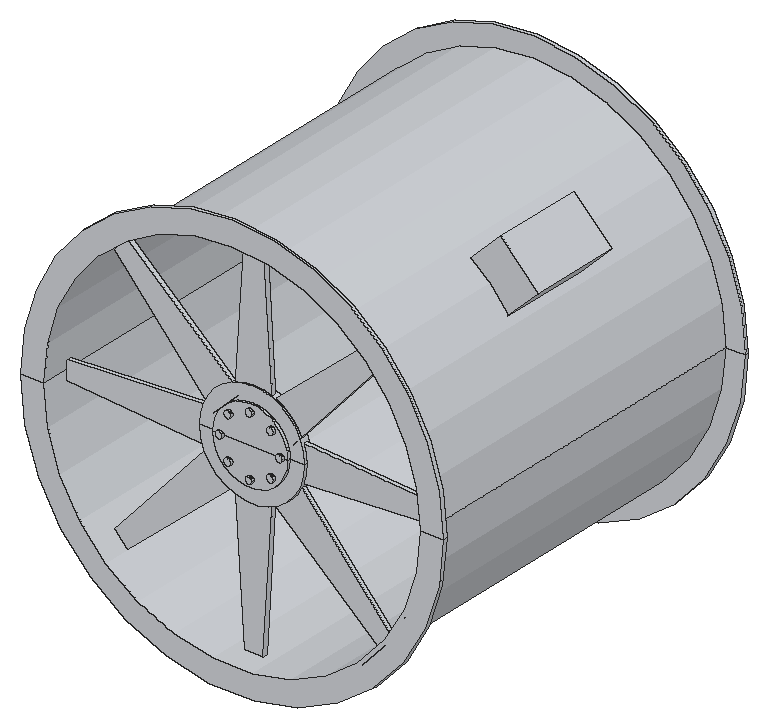
Revit family "CADS_Vent-Axia_MechEquip_Fan_LCA_560_1Ph4P - EXTRACT", category Mechanical Equipment, Revit 2020
Family settings
  Round Connector Dimension = Use Diameter
  Part Type = Normal
  OmniClass Number = 23.75.00.00
  OmniClass Title = Climate Control (HVAC)
  Work Plane-Based = No
  Always vertical = Yes
  Cut with Voids When Loaded = No
  Shared = No
  Room Calculation Point = No
Parameters (values of type "LCA561430")
  nr = NominalDiameter / 2  # 280 mm
  WorkingPressure = 0.0 Pa
  WarrantyStartDate [instance] = "1900-12-31T23:59:59"
  WarrantyPeriod = ""
  WarrantyIdentifier = "N/A"
  WarrantyGuarantorParts = "tech@vent-axia.com"
  WarrantyGuarantorLabor = "tech@vent-axia.com"
  WarrantyGuarantor = "Vent-Axia Limited"
  WarrantyEndDate [instance] = "1900-12-31T23:59:59"
  WarrantyContent = ""
  TemperatureRange = ""
  TagNumber [instance] = "N/A"
  SustainabilityPerformance = ""
  Status = "New"
  Size = ""
  Shape = ""
  ServiceLifeType = ""
  ServiceLifeDuration = ""
  SerialNumber [instance] = "N/A"
  ReplacementCost = ""
  RatedVoltage = 0 V
  RatedCurrent = 0 A
  Quantity = 1
  ProductionYear = ""
  PressureCurve = ""
  PowerFactor = ""
  PointOfContact = ""
  NumberOfPoles = 0
  NominalWidth = 560 mm
  NominalLength = 565 mm
  NominalHeight = 560 mm
  NominalFrequencyRange = ""
  NominalDiameter = 560 mm
  ModelReference = "LCAX 560mm 1PH 4P 30DEG"
  ModelNumber = "LCA561430"
  Material = ""
  ManufacturerE-Mail = "tech@vent-axia.com"
  ManufacturerAddress = "Fleming Way\nCrawley \nRH10 9YX"
  IsExtendedWarranty = no
  InsulationStandardClass = ""
  InstallationDate [instance] = "1900-12-31T23:59:59"
  IfcExportType [instance] = ""
  IfcExportAs = "IfcFanType"
  IP_Code = ""
  HasProtectiveEarth = no
  GrossWeight = 0.00 kg
  Grade = ""
  GlobalTradeItemNumber [instance] = "N/A"
  Fitting Type = "Ignore"
  Finish = ""
  Features = ""
  ExteriorInsulation = no
  ExpectedServiceLife = 0
  Exclusions = ""
  DurationUnit = "Year"
  Default Elevation = 0 mm
  Constituents = ""
  ConductorFunction = ""
  Color = ""
  CodePerformance = ""
  Category = ""
  CADS_Usage = 0
  CADS_Index = 0
  AssetType = "FIXED"
  AssetIdentifier [instance] = "N/A"
  AssemblyPlace = "UNKNOWN"
  ArticleNumber [instance] = "N/A"
  AirflowRateRange = 0.0 L/s
  Air Flow [instance] = 0.0 L/s
  AccessibilityPerformance = ""
Types (14, lengths in mm): name | ModelReference | ModelNumber
  LCA561410 | "LCAX 560mm 1PH 4P 10DEG" | "LCA561410"
  LCA561412 | "LCAX 560mm 1PH 4P 12DEG" | "LCA561412"
  LCA561414 | "LCAX 560mm 1PH 4P 14DEG" | "LCA561414"
  LCA561416 | "LCAX 560mm 1PH 4P 16DEG" | "LCA561416"
  LCA561418 | "LCAX 560mm 1PH 4P 18DEG" | "LCA561418"
  LCA561420 | "LCAX 560mm 1PH 4P 20DEG" | "LCA561420"
  LCA561422 | "LCAX 560mm 1PH 4P 22DEG" | "LCA561422"
  LCA561424 | "LCAX 560mm 1PH 4P 24DEG" | "LCA561424"
  LCA561426 | "LCAX 560mm 1PH 4P 26DEG" | "LCA561426"
  LCA561428 | "LCAX 560mm 1PH 4P 28DEG" | "LCA561428"
  LCA561430 | "LCAX 560mm 1PH 4P 30DEG" | "LCA561430"
  LCA561432 | "LCAX 560mm 1PH 4P 32DEG" | "LCA561432"
  LCA561434 | "LCAX 560mm 1PH 4P 34DEG" | "LCA561434"
  LCA561436 | "LCAX 560mm 1PH 4P 36DEG" | "LCA561436"
Reference planes
  plane 1 "Center (Front/Back)": y = 0
  plane 2: z = 0
  plane 3 "Center (Left/Right)": x = 0
  plane 4: x = -280
  plane 5: x = 280
  plane 6 "F": y = -282.5
  plane 7 "B": y = 282.5
  plane 8: x = -315
  plane 9: y = 277.5
  plane 10: y = -277.5
  plane 11: x = -285
  plane 12: y = -242.5
  plane 13 "top": z = 280
  plane 14: z = -280
  plane 15 "45deg": through (0, -1524, 0) normal (-0.7071, 0, -0.7071)
  plane 16 "C": through (0, -1524, 0) normal (-0.7071, 0, 0.7071)
Forms (mm)
  Revolve 1, solid
    sketch origin (0, 0, 0) x (1, 0, 0) y (0, 1, 0)
      loop
        line (-315, -282.5) -> (-280, -282.5) -> (-280, 282.5) -> (-315, 282.5) -> (-315, 277.5) -> (-285, 277.5) -> (-285, -277.5) -> (-315, -277.5) -> (-315, -282.5)
      axis (0, 282.5) -> (0, -282.5)
    angle from 0 to 360
  Sweep 2, solid
    path origin (0, 0, 0) x (1, 0, 0) y (0, 0, 1)
      loop
        line (197.99, 197.99) -> (243.952, 243.952)
    profile origin (220.971, 0, 220.971) x (-0.707107, 0, 0.707107) y (0, -1, 0)
      loop
        line (37.5, 55) -> (-42.73, 55) -> (-42.73, -79.5) -> (37.5, -79.5) -> (37.5, 55)
Dimensions and locks
  equal spacing: plane 4, plane 3 "Center (Left/Right)", plane 5
  equal spacing: plane 7 "B", plane 1 "Center (Front/Back)", plane 6 "F"
  "NominalLength": plane 7 "B" to plane 6 "F"
  "NominalDiameter": plane 4 to plane 5
  locked: plane 11 to plane 4 at 5
  locked: plane 8 to plane 11 at 30
  locked: plane 6 "F" to plane 10 at 5
  locked: plane 7 "B" to plane 9 at 5
  locked: plane 6 "F" to plane 12 at 40
  equal spacing: plane 13 "top", level, plane 14
  "NominalDiameter": plane 13 "top" to plane 14
  Sweep 2 sketch curve to Sweep 2 sketch curve = 65 mm
  "nr": Sweep 2 sketch curve to plane 15 "45deg"
  aligned and locked: level to plane 2
  aligned and locked: nested 1 to plane 12
Automatic sketch dimensions
  plane 6 "F" to Revolve 1 sketch curve = 0 mm
  Revolve 1 sketch curve to plane 8 = 0 mm  (x2)
  plane 10 to Revolve 1 sketch curve = 0 mm
  Revolve 1 sketch curve to plane 11 = 0 mm
  Revolve 1 sketch curve to plane 4 = 0 mm
  Revolve 1 sketch curve to plane 3 "Center (Left/Right)" = 0 mm
  plane 1 "Center (Front/Back)" to Revolve 1 sketch curve = 0 mm
  Revolve 1 sketch curve to plane 9 = 0 mm
  Revolve 1 sketch curve to plane 7 "B" = 0 mm
  plane 6 "F" to Revolve 1 sketch curve = 115 mm
  plane 1 "Center (Front/Back)" to Sweep 2 sketch curve = 55 mm
  Sweep 2 sketch curve to profile plane = 37.5 mm
  Sweep 2 sketch curve to Sweep 2 sketch curve = 80.23 mm
  Sweep 2 sketch curve to Sweep 2 sketch curve = 134.5 mm
  Sweep 2 sketch curve to plane 16 "C" = 0 mm  (x2)
Nested families
  nested 1: "Fan for ESC" at (0, -242.5, 0), ND <- "NominalDiameter", type "Fan for ESC"
    with hub 56 mm, ND 560 mm, BoltPCD 44.8 mm, Bolt Count 8, B_Diam 10 mm
  nested 2: "Bolts" at (44.8, -251.672, 0) x (0, 0, -1) z (0, 1, 0), type "Bolts"
    with bd 10 mm
  nested 3: "Bolts" at (31.678, -251.672, -31.678) x (-0.7071, 0, -0.7071) z (0, 1, 0), type "Bolts"
    with bd 10 mm
  nested 4: "Bolts" at (0, -251.672, -44.8) x (-1, 0, 0) z (0, 1, 0), type "Bolts"
    with bd 10 mm
  nested 5: "Bolts" at (-31.678, -251.672, -31.678) x (-0.7071, 0, 0.7071) z (0, 1, 0), type "Bolts"
    with bd 10 mm
  nested 6: "Bolts" at (-44.8, -251.672, 0) x (0, 0, 1) z (0, 1, 0), type "Bolts"
    with bd 10 mm
  nested 7: "Bolts" at (-31.678, -251.672, 31.678) x (0.7071, 0, 0.7071) z (0, 1, 0), type "Bolts"
    with bd 10 mm
  nested 8: "Bolts" at (31.678, -251.672, 31.678) x (0.7071, 0, -0.7071) z (0, 1, 0), type "Bolts"
    with bd 10 mm
  nested 9: "Bolts" at (0, -251.672, 44.8) x (1, 0, 0) z (0, 1, 0), type "Bolts"
    with bd 10 mm
  nested 10: "ESC Blade" at (0, -242.5, 0), type "ESC Blade"
    with a 20.00°, HR 56 mm, HD 112 mm, BT 28 mm, BR 224 mm, BH 40 mm, BD 560 mm, BB 56 mm
  nested 11: "ESC Blade" at (0, -242.5, 0) x (0.7071, 0, -0.7071) z (0.7071, 0, 0.7071), type "ESC Blade"
    with a 20.00°, HR 56 mm, HD 112 mm, BT 28 mm, BR 224 mm, BH 40 mm, BD 560 mm, BB 56 mm
  nested 12: "ESC Blade" at (0, -242.5, 0) x (0, 0, -1) z (1, 0, 0), type "ESC Blade"
    with a 20.00°, HR 56 mm, HD 112 mm, BT 28 mm, BR 224 mm, BH 40 mm, BD 560 mm, BB 56 mm
  nested 13: "ESC Blade" at (0, -242.5, 0) x (-0.7071, 0, -0.7071) z (0.7071, 0, -0.7071), type "ESC Blade"
    with a 20.00°, HR 56 mm, HD 112 mm, BT 28 mm, BR 224 mm, BH 40 mm, BD 560 mm, BB 56 mm
  nested 14: "ESC Blade" at (0, -242.5, 0) x (-1, 0, 0) z (0, 0, -1), type "ESC Blade"
    with a 20.00°, HR 56 mm, HD 112 mm, BT 28 mm, BR 224 mm, BH 40 mm, BD 560 mm, BB 56 mm
  nested 15: "ESC Blade" at (0, -242.5, 0) x (-0.7071, 0, -0.7071) z (-0.7071, 0, 0.7071), type "ESC Blade"
    with a 20.00°, HR 56 mm, HD 112 mm, BT 28 mm, BR 224 mm, BH 40 mm, BD 560 mm, BB 56 mm
  nested 16: "ESC Blade" at (0, -242.5, 0) x (0, 0, -1) z (-1, 0, 0), type "ESC Blade"
    with a 20.00°, HR 56 mm, HD 112 mm, BT 28 mm, BR 224 mm, BH 40 mm, BD 560 mm, BB 56 mm
  nested 17: "ESC Blade" at (0, -242.5, 0) x (0.7071, 0, -0.7071) z (-0.7071, 0, -0.7071), type "ESC Blade"
    with a 20.00°, HR 56 mm, HD 112 mm, BT 28 mm, BR 224 mm, BH 40 mm, BD 560 mm, BB 56 mm
Connectors
  hvac at (0, -282.5, 0), driven by "NominalDiameter", driven by "Air Flow"
    settings: on Revolve 1, index 1, duct flow 0.0 L/s, flow factor 0, pres drop 0.0 Pa, loss coef 0, conn angle 0.00°, conn width 304.8 mm, conn height 304.8 mm, conn diameter 560 mm, duct sys type 2, conn prof type 0, flow config 0, flow direction 1, loss method 0, conn ref index -1, conn util no, is conn primary yes, conn desc ""
  hvac at (0, 282.5, 0), driven by "NominalDiameter", driven by "Air Flow"
    settings: on Revolve 1, index 2, duct flow 0.0 L/s, flow factor 0, pres drop 0.0 Pa, loss coef 0, conn angle 0.00°, conn width 304.8 mm, conn height 304.8 mm, conn diameter 560 mm, duct sys type 3, conn prof type 0, flow config 1, flow direction 2, loss method 0, conn ref index -1, conn util no, is conn primary no, conn desc ""
Definition of nested family "Fan for ESC"
  Parameters (values of type "Fan for ESC")
    hub [instance] = ND / 10  # 56.7 mm
    ND [instance] = 567 mm
    Model = "."
    Default Elevation = 0 mm
    BoltPCD [instance] = hub - (hub * 0.2)  # 45.36 mm
    Bolt Count [instance] = if(hub < 50 mm, 6, 8)  # 8
    B_Diam [instance] = if(hub < 50 mm, 5 mm, 10 mm)  # 10 mm
  Reference planes
    plane 1 "Center (Front/Back)": y = 0
    plane 2: z = 0
    plane 3 "Center (Left/Right)": x = 0
    plane 4 "back": y = 20
    plane 5 "bolts": y = -9.172
    plane 6 "B": z = 56.7
    plane 7: x = -79.287
    plane 8: x = -56.7
    plane 9 "hubface": y = -6.172
  Forms (mm)
    Revolve 1, solid
      sketch origin (0, 0, 0) x (1, 0, 0) y (0, 1, 0)
        loop
          line (0, 20) -> (-56.7, 20) -> (-56.7, 10.504) -> (-79.287, 10.504) -> (-79.287, -2.597) -> (-56.7, -2.597) -> (-56.7, -6.172) -> (0, -6.172) -> (0, 20)
        axis (0, 20) -> (0, -6.172)
      angle from 0 to 360
    Extrusion 2, solid, not visible
      sketch origin (0, -6.347, -4) x (-1, 0, 0) y (0, 0, 1)
        loop
          circle (0, 84) r 5
      from 0 to 3
  Lines and regions (mm)
    symbolic lines
      curve 1: circle (0, -9.172, 0) r 45.36 normal (0, 1, 0)
    model lines, not visible
      curve 2: line (0, -6.347, 85) -> (0, -6.347, 75)
  Dimensions and locks
    "hub": plane 6 "B" to plane 2
    "hub": nested 3 to plane 3 "Center (Left/Right)"
    "hub": nested 4 to plane 3 "Center (Left/Right)"
    "hub": nested 5 to plane 3 "Center (Left/Right)"
    "hub": plane 3 "Center (Left/Right)" to nested 6
    "hub": Revolve 1 sketch curve to Revolve 1 sketch curve
    "hub": plane 3 "Center (Left/Right)" to nested 7
    "hub": plane 3 "Center (Left/Right)" to nested 8
    "hub": plane 3 "Center (Left/Right)" to nested 9
    "hub": plane 8 to plane 3 "Center (Left/Right)"
    plane 7 to plane 8 = 22.587 mm
    diameter of Extrusion 2 sketch curve = 10 mm
    "BoltPCD": radius of curve 1
    "BoltPCD": radius of radial array
    aligned and locked: level to plane 2
    aligned and locked: plane 6 "B" to nested 1
  Automatic sketch dimensions
    Revolve 1 sketch curve to plane 7 = 0 mm
    Revolve 1 sketch curve to plane 8 = 0 mm  (x2)
    Revolve 1 sketch curve to plane 3 "Center (Left/Right)" = 0 mm
    Revolve 1 sketch curve to plane 9 "hubface" = 0 mm
    plane 4 "back" to Revolve 1 sketch curve = 0 mm
    plane 1 "Center (Front/Back)" to Revolve 1 sketch curve = 2.597 mm
    plane 4 "back" to Revolve 1 sketch curve = 9.496 mm
    Revolve 1 sketch curve to Revolve 1 sketch curve = 5 mm
    Revolve 1 sketch curve to plane 4 "back" = 45 mm
    curve 1 to level = 0 mm
    curve 1 to plane 3 "Center (Left/Right)" = 0 mm
  Nested families
    nested 1: "ESC Blade" at (0, 0, 0), BD <- "ND", HD <- "hub", type "ESC Blade"
      with a 20.00°, HR 56.7 mm, HD 113.4 mm, BT 28.35 mm, BR 226.8 mm, BH 40 mm, BD 567 mm, BB 56.7 mm
    nested 2: "ESC Blade" at (0, 0, 755), BD <- "ND", HD <- "hub", type "ESC Blade", not visible
      with a 20.00°, HR 56.7 mm, HD 113.4 mm, BT 28.35 mm, BR 226.8 mm, BH 40 mm, BD 567 mm, BB 56.7 mm
    nested 3: "ESC Blade" at (0, 0, 0) x (0.7071, 0, -0.7071) z (0.7071, 0, 0.7071), BD <- "ND", HD <- "hub", type "ESC Blade"
      with a 20.00°, HR 56.7 mm, HD 113.4 mm, BT 28.35 mm, BR 226.8 mm, BH 40 mm, BD 567 mm, BB 56.7 mm
    nested 4: "ESC Blade" at (0, 0, 0) x (0, 0, -1) z (1, 0, 0), BD <- "ND", HD <- "hub", type "ESC Blade"
      with a 20.00°, HR 56.7 mm, HD 113.4 mm, BT 28.35 mm, BR 226.8 mm, BH 40 mm, BD 567 mm, BB 56.7 mm
    nested 5: "ESC Blade" at (0, 0, 0) x (-0.7071, 0, -0.7071) z (0.7071, 0, -0.7071), BD <- "ND", HD <- "hub", type "ESC Blade"
      with a 20.00°, HR 56.7 mm, HD 113.4 mm, BT 28.35 mm, BR 226.8 mm, BH 40 mm, BD 567 mm, BB 56.7 mm
    nested 6: "ESC Blade" at (0, 0, 0) x (-1, 0, 0) z (0, 0, -1), BD <- "ND", HD <- "hub", type "ESC Blade"
      with a 20.00°, HR 56.7 mm, HD 113.4 mm, BT 28.35 mm, BR 226.8 mm, BH 40 mm, BD 567 mm, BB 56.7 mm
    nested 7: "ESC Blade" at (0, 0, 0) x (-0.7071, 0, -0.7071) z (-0.7071, 0, 0.7071), BD <- "ND", HD <- "hub", type "ESC Blade"
      with a 20.00°, HR 56.7 mm, HD 113.4 mm, BT 28.35 mm, BR 226.8 mm, BH 40 mm, BD 567 mm, BB 56.7 mm
    nested 8: "ESC Blade" at (0, 0, 0) x (0, 0, -1) z (-1, 0, 0), BD <- "ND", HD <- "hub", type "ESC Blade"
      with a 20.00°, HR 56.7 mm, HD 113.4 mm, BT 28.35 mm, BR 226.8 mm, BH 40 mm, BD 567 mm, BB 56.7 mm
    nested 9: "ESC Blade" at (0, 0, 0) x (0.7071, 0, -0.7071) z (-0.7071, 0, -0.7071), BD <- "ND", HD <- "hub", type "ESC Blade"
      with a 20.00°, HR 56.7 mm, HD 113.4 mm, BT 28.35 mm, BR 226.8 mm, BH 40 mm, BD 567 mm, BB 56.7 mm
    nested 10: "Bolts" at (0, -9.172, 45.36) x (1, 0, 0) z (0, 1, 0), bd <- "B_Diam", type "Bolts"
      with bd 10 mm
    nested 11: "Bolts" at (32.074, -9.172, 32.074) x (0.7071, 0, -0.7071) z (0, 1, 0), bd <- "B_Diam", type "Bolts"
      with bd 10 mm
    nested 12: "Bolts" at (-32.074, -9.172, 32.074) x (0.7071, 0, 0.7071) z (0, 1, 0), bd <- "B_Diam", type "Bolts"
      with bd 10 mm
    nested 13: "Bolts" at (-45.36, -9.172, 0) x (0, 0, 1) z (0, 1, 0), bd <- "B_Diam", type "Bolts"
      with bd 10 mm
    nested 14: "Bolts" at (-32.074, -9.172, -32.074) x (-0.7071, 0, 0.7071) z (0, 1, 0), bd <- "B_Diam", type "Bolts"
      with bd 10 mm
    nested 15: "Bolts" at (0, -9.172, -45.36) x (-1, 0, 0) z (0, 1, 0), bd <- "B_Diam", type "Bolts"
      with bd 10 mm
    nested 16: "Bolts" at (32.074, -9.172, -32.074) x (-0.7071, 0, -0.7071) z (0, 1, 0), bd <- "B_Diam", type "Bolts"
      with bd 10 mm
    nested 17: "Bolts" at (45.36, -9.172, 0) x (0, 0, -1) z (0, 1, 0), bd <- "B_Diam", type "Bolts"
      with bd 10 mm
  Definition of nested family "ESC Blade"
    Parameters (values of type "ESC Blade")
      a [instance] = 20.00°
      HR [instance] = HD / 2  # 30 mm
      HD [instance] = BD / 5  # 60 mm
      Default Elevation = 1219.2 mm
      BT [instance] = BD / 20  # 15 mm
      BR [instance] = (BD / 2) - HR  # 120 mm
      BH [instance] = 40 mm
      BD [instance] = 300 mm
      BB [instance] = BD / 10  # 30 mm
    Reference planes
      plane 1 "Center (Front/Back)": y = 0
      plane 2: z = 0
      plane 3 "Center (Left/Right)": x = 0
      plane 4 "Blade Bot": z = 30
      plane 5: x = -15
      plane 6: x = 15
      plane 7: x = -7.5
      plane 8: x = 7.5
    Forms (mm)
      Blend 1, solid
        base sketch origin (0, 0, 30) x (-1, 0, 0) y (0, -1, 0)
          loop
            line (15, 0) -> (-15, 0) -> (-15, -6) -> (15, -6) -> (15, 0)
        top sketch origin (0, 0, 30) x (-1, 0, 0) y (0, -1, 0)
          loop
            line (7.5, -6) -> (7.5, 0) -> (-7.5, 0) -> (-7.5, -6) -> (7.5, -6)
        from 0 to 120 <- "BR"
    Dimensions and locks
      "HR": plane 4 "Blade Bot" to level
      equal spacing: plane 8, plane 3 "Center (Left/Right)", plane 7
      "BT": plane 8 to plane 7
      equal spacing: plane 6, plane 3 "Center (Left/Right)", plane 5
      "BB": plane 6 to plane 5
      aligned and locked: level to plane 2
    Automatic sketch dimensions
      plane 1 "Center (Front/Back)" to Blend 1 sketch curve = 0 mm  (x2)
      Blend 1 sketch curve to plane 6 = 0 mm
      Blend 1 sketch curve to plane 5 = 0 mm
      Blend 1 sketch curve to plane 1 "Center (Front/Back)" = 6 mm  (x2)
      Blend 1 sketch curve to plane 8 = 0 mm
      Blend 1 sketch curve to plane 7 = 0 mm
  Definition of nested family "Bolts"
    Parameters
      bd [instance] = 10 mm
      Default Elevation = 1219.2 mm
    Reference planes
      plane 1 "Center (Front/Back)": y = 0
      plane 2: z = 0
      plane 3 "Center (Left/Right)": x = 0
    Forms (mm)
      Extrusion 1, solid
        sketch origin (0, 0, 0) x (1, 0, 0) y (0, 1, 0)
          loop
            line (-1219.2, 1219.2) -> (-1219.2, -1219.2) -> (1219.2, -1219.2) -> (1219.2, 1219.2) -> (-1219.2, 1219.2)
        from 0 to -304.8
      Extrusion 2, solid
        sketch origin (0, 0, 0) x (1, 0, 0) y (0, 1, 0)
          loop
            circle (0, 0) r 5
        from 0 to 3
    Dimensions and locks
      "bd": diameter of Extrusion 2 sketch curve
      aligned and locked: plane 2 to Extrusion 1
      aligned and locked: level to Extrusion 1
    Automatic sketch dimensions
      Extrusion 1 sketch curve to Extrusion 1 sketch curve = 2438.4 mm  (x2)
      plane 1 "Center (Front/Back)" to Extrusion 2 sketch curve = 0 mm
      Extrusion 2 sketch curve to plane 3 "Center (Left/Right)" = 0 mm
Definition of nested family "Bolts"
  Parameters
    bd [instance] = 10 mm
    Default Elevation = 1219.2 mm
  Reference planes
    plane 1 "Center (Front/Back)": y = 0
    plane 2: z = 0
    plane 3 "Center (Left/Right)": x = 0
  Forms (mm)
    Extrusion 1, solid
      sketch origin (0, 0, 0) x (1, 0, 0) y (0, 1, 0)
        loop
          line (-1219.2, 1219.2) -> (-1219.2, -1219.2) -> (1219.2, -1219.2) -> (1219.2, 1219.2) -> (-1219.2, 1219.2)
      from 0 to -304.8
    Extrusion 2, solid
      sketch origin (0, 0, 0) x (1, 0, 0) y (0, 1, 0)
        loop
          circle (0, 0) r 5
      from 0 to 3
  Dimensions and locks
    "bd": diameter of Extrusion 2 sketch curve
    aligned and locked: plane 2 to Extrusion 1
    aligned and locked: level to Extrusion 1
  Automatic sketch dimensions
    Extrusion 1 sketch curve to Extrusion 1 sketch curve = 2438.4 mm  (x2)
    plane 1 "Center (Front/Back)" to Extrusion 2 sketch curve = 0 mm
    Extrusion 2 sketch curve to plane 3 "Center (Left/Right)" = 0 mm
Definition of nested family "ESC Blade"
  Parameters (values of type "ESC Blade")
    a [instance] = 20.00°
    HR [instance] = HD / 2  # 30 mm
    HD [instance] = BD / 5  # 60 mm
    Default Elevation = 1219.2 mm
    BT [instance] = BD / 20  # 15 mm
    BR [instance] = (BD / 2) - HR  # 120 mm
    BH [instance] = 40 mm
    BD [instance] = 300 mm
    BB [instance] = BD / 10  # 30 mm
  Reference planes
    plane 1 "Center (Front/Back)": y = 0
    plane 2: z = 0
    plane 3 "Center (Left/Right)": x = 0
    plane 4 "Blade Bot": z = 30
    plane 5: x = -15
    plane 6: x = 15
    plane 7: x = -7.5
    plane 8: x = 7.5
  Forms (mm)
    Blend 1, solid
      base sketch origin (0, 0, 30) x (-1, 0, 0) y (0, -1, 0)
        loop
          line (15, 0) -> (-15, 0) -> (-15, -6) -> (15, -6) -> (15, 0)
      top sketch origin (0, 0, 30) x (-1, 0, 0) y (0, -1, 0)
        loop
          line (7.5, -6) -> (7.5, 0) -> (-7.5, 0) -> (-7.5, -6) -> (7.5, -6)
      from 0 to 120 <- "BR"
  Dimensions and locks
    "HR": plane 4 "Blade Bot" to level
    equal spacing: plane 8, plane 3 "Center (Left/Right)", plane 7
    "BT": plane 8 to plane 7
    equal spacing: plane 6, plane 3 "Center (Left/Right)", plane 5
    "BB": plane 6 to plane 5
    aligned and locked: level to plane 2
  Automatic sketch dimensions
    plane 1 "Center (Front/Back)" to Blend 1 sketch curve = 0 mm  (x2)
    Blend 1 sketch curve to plane 6 = 0 mm
    Blend 1 sketch curve to plane 5 = 0 mm
    Blend 1 sketch curve to plane 1 "Center (Front/Back)" = 6 mm  (x2)
    Blend 1 sketch curve to plane 8 = 0 mm
    Blend 1 sketch curve to plane 7 = 0 mm
